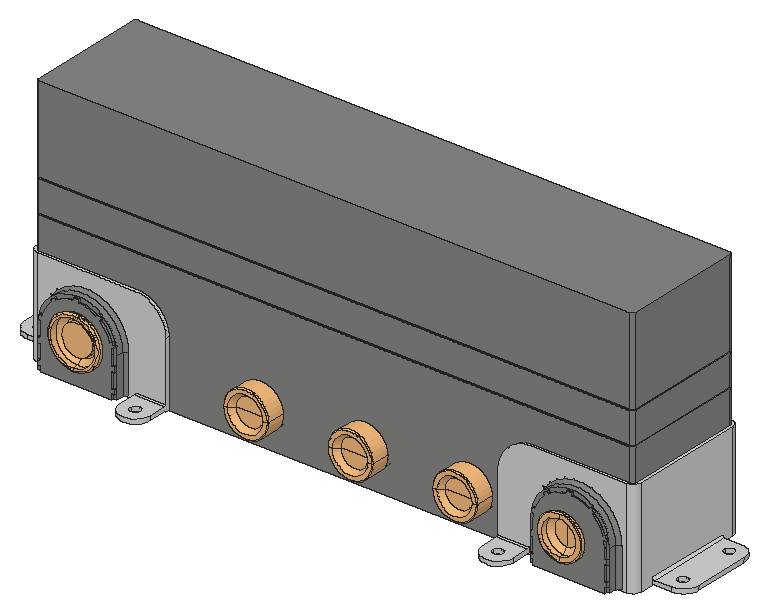
Revit family "Valve-Four_Outlet_Thermostatic-KOHLER-K-26342", category Plumbing Fixtures, host Face, Revit 2017 (continued)
Definition of nested family "K-26342"
  Lines and regions (in)
    symbolic lines, detail levels medium+fine
      curve 222: line (0, -1.85039, 0.25591) -> (0, -1.8897, 0.25591)
      curve 223: line (0, -1.85039, 0.1378) -> (0, -1.8897, 0.1378)
      curve 224: line (0, 1.92876, 1.64407) -> (0, 1.92876, 0.31459)
      curve 225: line (0, -1.8897, 0.33465) -> (0, -1.8897, 1.62388)
      curve 226: line (0, -1.94882, 0.33465) -> (0, -1.94882, 1.62388)
      curve 227: line (0, -1.79224, 0.01953) -> (0, -2.44056, 0.01953)
      curve 228: line (0, 2.44188, 0.01953) -> (0, 1.7961, 0.01953)
      curve 229: line (-7.23476, 0, 2.38189) -> (-7.23476, 0, 6.10236)
      curve 230: line (7.23528, 0, 2.38189) -> (7.23528, 0, 6.10236)
      curve 231: arc (-1.81655, 0, 1.02987) -> (-1.96647, 0, 0.87995) -> (-1.81655, 0, 0.73004) r 0.14992
      curve 232: arc (-1.81655, 0, 0.73004) -> (-1.66664, 0, 0.87995) -> (-1.81655, 0, 1.02987) r 0.14992
      curve 233: arc (0.7424, 0, 1.02987) -> (0.59248, 0, 0.87995) -> (0.7424, 0, 0.73004) r 0.14992
      curve 234: arc (0.7424, 0, 0.73004) -> (0.89232, 0, 0.87995) -> (0.7424, 0, 1.02987) r 0.14992
      curve 235: arc (3.3062, 0, 1.02987) -> (3.15628, 0, 0.87995) -> (3.3062, 0, 0.73004) r 0.14992
      curve 236: arc (3.3062, 0, 0.73004) -> (3.45611, 0, 0.87995) -> (3.3062, 0, 1.02987) r 0.14992
      curve 237: arc (-6.0332, 0, 1.13417) -> (-6.18312, 0, 0.98425) -> (-6.0332, 0, 0.83434) r 0.14992
      curve 238: arc (-6.0332, 0, 0.83434) -> (-5.88329, 0, 0.98425) -> (-6.0332, 0, 1.13417) r 0.14992
      curve 239: line (0, -1.51575, 2.38189) -> (0, 1.51575, 2.38189)
      curve 240: line (0, -0.04594, 5.70866) -> (0, -0.04594, 2.38189)
      curve 241: line (0, 1.51575, 5.70866) -> (0, -1.51575, 5.70866)
      curve 242: circle (5.84649, 0, 0.87995) r 0.13634 normal (0, -1, 0)
    reference lines
      curve 243: line (-1.81655, 1.5155, 0.87995) -> (-1.81655, 5.7655, 0.87995)
      curve 244: line (5.84649, 1.5155, 0.87995) -> (5.84649, 5.7655, 0.87995)
      curve 245: line (3.3062, 1.5155, 0.87995) -> (3.3062, 5.7655, 0.87995)
      curve 246: line (0.7424, 1.5155, 0.87995) -> (0.7424, 5.7655, 0.87995)
    symbolic lines, detail levels coarse
      curve 247: line (-1.08268, 0, 4.88116) -> (1.08268, 0, 3.70005)
      curve 248: line (1.08268, 0, 4.88116) -> (-1.08268, 0, 3.70005)
      curve 249: line (-1.08268, 0, 3.70005) -> (-1.08268, 0, 4.88116)
      curve 250: line (0, 0, 4.2906) -> (0, 0, 3.22489)
      curve 251: line (1.08268, 0, 4.88116) -> (1.08268, 0, 3.70005)
      curve 252: line (-1.09986, 0, 3.22489) -> (1.0655, 0, 3.22489)
      curve 253: arc (-1.09986, 0, 3.22489) -> (-0.01718, 0, 2.46031) -> (1.0655, 0, 3.22489) r 1.14885
  Dimensions and locks (in)
    plane 6 to plane 4 = 4.88113"
    plane 36 to level = 6.10236"  (x2)
    plane 4 to plane 6 = 4.88113"
    plane 63 to plane 64 = 15.76792"
    plane 5 to plane 7 = 3.0315"
    "Connector 1 Dis": plane 7 to plane 68 "B"
    "Connector 2 Dis": plane 7 to plane 69 "C"
    "Connector 4 Dis": plane 7 to plane 71 "E"
    "Connector 3 Dis": plane 7 to plane 70 "D"
    "Connector 4 Angle": angle plane 48 to curve 244
    "Connector 3 Angle": angle plane 49 to curve 245
    "Connector 2 Angle": angle plane 50 to curve 246
    "Connector 1 Angle": angle curve 243 to plane 47
    aligned and locked: plane 2 to level
    aligned and locked: plane 68 "B" to curve 243
    aligned and locked: plane 71 "E" to curve 244
    aligned and locked: plane 70 "D" to curve 245
    aligned and locked: plane 69 "C" to curve 246
    aligned and locked: curve 244 to Revolve 34 sketch curve
    aligned and locked: Revolve 34 sketch curve to Revolve 34 sketch curve
    aligned and locked: curve 245 to Revolve 35 sketch curve
    aligned and locked: Revolve 35 sketch curve to Revolve 35 sketch curve
    aligned and locked: curve 246 to Revolve 36 sketch curve
    aligned and locked: Revolve 36 sketch curve to Revolve 36 sketch curve
    aligned and locked: curve 243 to Revolve 37 sketch curve
    aligned and locked: Revolve 37 sketch curve to Revolve 37 sketch curve
  Automatic sketch dimensions
    curve 227 to plane 6 = 0"
    curve 190 to plane 39 = 0"
    curve 190 to plane 65 = 0"
    curve 194 to plane 9 = 0"
    curve 241 to plane 7 = 0"
    curve 239 to plane 7 = 0"
    plane 38 to curve 179 = 0"
    curve 179 to plane 36 = 0"
    curve 189 to plane 55 = 0"
    plane 67 to curve 200 = 0"
    curve 187 to plane 58 = 0"
    plane 37 to curve 240 = 0"
    curve 240 to plane 56 = 0"
    curve 185 to plane 57 = 0"
    curve 173 to plane 53 = 0"
    curve 172 to plane 36 = 0"
    curve 172 to plane 52 = 0"
    curve 241 to plane 5 = 0"
    curve 239 to plane 5 = 0"
    curve 178 to plane 8 = 0"
    curve 174 to plane 39 = 0"
    curve 174 to plane 61 = 0"
    curve 176 to level = 0"
    curve 192 to level = 0"
    level to curve 195 = 0.01969"
    curve 199 to plane 39 = 0.04131"
    curve 199 to plane 55 = 0.15925"
    curve 183 to curve 185 = 0.05906"
    level to curve 180 = 0.01969"
    curve 182 to curve 180 = 0.05729"
    curve 181 to plane 39 = 0.04045"
    level to curve 198 = 5/256"
    plane 39 to curve 223 = 0.01951"
    curve 216 to curve 225 = 0"
    curve 227 to curve 195 = 0"
    curve 179 to plane 54 = 0.00017"
    plane 39 to curve 188 = 0.00005"
    curve 188 to plane 59 = 0.02051"
    curve 180 to curve 228 = 0.00386"
    plane 4 to curve 228 = 0.00132"
    level to curve 227 = 5/256"
    level to curve 228 = 5/256"
    plane 39 to curve 212 = 0.01951"
    curve 222 to plane 67 = 0.03876"
    curve 211 to plane 67 = 0.03876"
    curve 211 to curve 224 = 0.05868"
    curve 222 to curve 226 = 0.07874"
    curve 226 to curve 225 = 0"  (x2)
    curve 221 to curve 220 = 0.11811"
    curve 210 to curve 209 = 0.11811"
    curve 208 to curve 207 = 0.0143"
    curve 219 to curve 218 = 0.0143"
    curve 218 to curve 217 = 0.11461"
    curve 207 to curve 206 = 0.11461"
    curve 217 to curve 225 = 0.35658"
    curve 225 to curve 216 = 0.01272"
    curve 206 to curve 205 = 0.36931"
    curve 205 to curve 224 = 0.00746"
    curve 224 to curve 204 = 0.03921"
    curve 216 to curve 215 = 0.04668"
    curve 215 to curve 214 = 0.07273"
    curve 204 to curve 203 = 0.07273"
    curve 203 to curve 202 = 0.10223"
    curve 214 to curve 213 = 0.10223"
    curve 213 to curve 191 = 0.05929"
    curve 202 to curve 175 = 0.05929"
    curve 175 to curve 177 = 0.03927"
    curve 191 to curve 193 = 0.03927"
    curve 177 to curve 176 = 0.1001"
    curve 193 to curve 192 = 0.1001"
    Extrusion 1 sketch curve to plane 12 = 0"
    plane 7 to Extrusion 1 sketch curve = 0"
    plane 52 to Extrusion 1 sketch curve = 0"
    Extrusion 1 sketch curve to plane 5 = 0"
    Extrusion 1 sketch curve to plane 54 = 0.00034"
    Extrusion 1 sketch curve to plane 54 = 0.00017"
    Extrusion 1 sketch curve to plane 46 = 0.01955"
    Extrusion 1 sketch curve to plane 52 = 0.00091"
    Extrusion 2 sketch curve to plane 11 = 0"
    Extrusion 2 sketch curve to plane 9 = 0"  (x2)
    Extrusion 2 sketch curve to plane 41 = 0"
    plane 8 to Extrusion 2 sketch curve = 0"  (x2)
    Extrusion 2 sketch curve to plane 46 = 0"
    Extrusion 2 sketch curve to plane 34 = 0"
    Extrusion 2 sketch curve to plane 53 = 0.00054"
    Extrusion 2 sketch curve to plane 18 = 0.67358"
    plane 24 to Extrusion 2 sketch curve = 0.02185"
    plane 46 to Extrusion 2 sketch curve = 0.00094"
    Extrusion 3 sketch curve to plane 38 = 0"  (x2)
    plane 18 to Extrusion 3 sketch curve = 0"
    Extrusion 3 sketch curve to plane 17 = 0.03718"
    Extrusion 3 sketch curve to plane 63 = 0.06898"
    Extrusion 3 sketch curve to level = 0.30561"
    Extrusion 3 sketch curve to plane 19 = 0.69257"
    plane 49 to Extrusion 3 sketch curve = 0.01689"
    Extrusion 3 sketch curve to plane 25 = 0.00005"
    Extrusion 3 sketch curve to plane 26 = 0.03879"
    Extrusion 3 sketch curve to plane 64 = 0.03215"
    Extrusion 3 sketch curve to level = 0.71748"
    Extrusion 4 sketch curve to Extrusion 4 sketch curve = 0"  (x8)
    Extrusion 4 sketch curve to plane 10 = 0"
    Extrusion 4 sketch curve to plane 59 = 0"  (x2)
    Extrusion 4 sketch curve to plane 63 = 0"  (x2)
    plane 57 to Extrusion 4 sketch curve = 0"  (x2)
    Extrusion 4 sketch curve to plane 58 = 0"  (x2)
    Extrusion 4 sketch curve to plane 11 = 0"
    plane 8 to Extrusion 4 sketch curve = 0"  (x2)
    Extrusion 4 sketch curve to plane 17 = 0"  (x2)
    plane 61 to Extrusion 4 sketch curve = 0"  (x2)
    Extrusion 4 sketch curve to plane 62 = 0"  (x2)
    Extrusion 4 sketch curve to plane 25 = 0"  (x2)
    Extrusion 4 sketch curve to plane 9 = 0"  (x2)
    Extrusion 4 sketch curve to plane 66 = 0"  (x2)
    Extrusion 4 sketch curve to plane 34 = 0"
    Extrusion 4 sketch curve to plane 64 = 0"  (x2)
    Extrusion 4 sketch curve to plane 33 = 0"
    Extrusion 4 sketch curve to plane 63 = 0.00076"
    Extrusion 4 sketch curve to plane 63 = 0.00082"
    Extrusion 4 sketch curve to plane 64 = 0.00082"
    Extrusion 4 sketch curve to plane 64 = 0.00076"
    plane 65 to Extrusion 4 sketch curve = 0.00132"  (x2)
    plane 60 to Extrusion 4 sketch curve = 0.00006"  (x2)
    Sweep 5 sketch curve to plane 13 = 0"
    plane 51 to Sweep 5 sketch curve = 0.00028"
    level to Sweep 5 sketch curve = 0.01969"  (x2)
    Sweep 5 sketch curve to profile plane = 0"  (x2)
    Sweep 5 sketch curve to plane 1 "Center (Front/Back)" = 1.85039"
    Sweep 5 sketch curve to Sweep 5 sketch curve = 0.15748"  (x2)
    Sweep 5 sketch curve to Sweep 5 sketch curve = 0.26176"
    Sweep 5 sketch curve to profile plane = 0.31023"  (x2)
    plane 1 "Center (Front/Back)" to Sweep 5 sketch curve = 1.58863"
    Sweep 5 sketch curve to Sweep 5 sketch curve = 0.10428"
    profile plane to Sweep 5 sketch curve = 0.07652"  (x2)
    plane 32 to Sweep 6 sketch curve = 0"
    Sweep 6 sketch curve to plane 48 = 0.187"
    Sweep 6 sketch curve to level = 0.01969"  (x2)
    Sweep 6 sketch curve to profile plane = 0"  (x2)
    Sweep 6 sketch curve to plane 1 "Center (Front/Back)" = 1.85039"
    Sweep 6 sketch curve to Sweep 6 sketch curve = 0.15748"  (x2)
    Sweep 6 sketch curve to Sweep 6 sketch curve = 0.10428"  (x2)
    profile plane to Sweep 6 sketch curve = 0.31023"  (x2)
    plane 1 "Center (Front/Back)" to Sweep 6 sketch curve = 1.58863"
    Sweep 6 sketch curve to profile plane = 0.10072"  (x2)
    Extrusion 7 sketch curve to Extrusion 7 sketch curve = 0"  (x88)
    plane 14 to Extrusion 7 sketch curve = 0"  (x2)
    Extrusion 7 sketch curve to level = 0"  (x2)
    Extrusion 7 sketch curve to plane 14 = 0.01535"
    Extrusion 7 sketch curve to plane 14 = 0.0439"
    plane 39 to Extrusion 7 sketch curve = 0.01951"  (x4)
    Extrusion 7 sketch curve to Extrusion 7 sketch curve = 0.05906"  (x6)
    Extrusion 7 sketch curve to Extrusion 7 sketch curve = 0.05737"  (x2)
    Extrusion 7 sketch curve to Extrusion 7 sketch curve = 0.05739"  (x2)
    Extrusion 7 sketch curve to plane 14 = 0.31395"
    Extrusion 7 sketch curve to Extrusion 7 sketch curve = 0.03647"  (x4)
    Extrusion 7 sketch curve to Extrusion 7 sketch curve = 0.09306"  (x2)
    Extrusion 7 sketch curve to Extrusion 7 sketch curve = 0.03648"  (x4)
    plane 51 to Extrusion 7 sketch curve = 0.05934"
    plane 51 to Extrusion 7 sketch curve = 0.00028"
    Extrusion 7 sketch curve to plane 51 = 0.05877"
    Extrusion 7 sketch curve to plane 16 = 0.44406"
    Extrusion 7 sketch curve to Extrusion 7 sketch curve = 0.09307"  (x2)
    Extrusion 7 sketch curve to plane 16 = 0.10187"
    Extrusion 7 sketch curve to plane 16 = 0.07329"
    Extrusion 7 sketch curve to plane 16 = 0.05963"  (x3)
    Extrusion 7 sketch curve to plane 16 = 0.04447"
    Extrusion 7 sketch curve to plane 16 = 0.01592"
    Extrusion 7 sketch curve to plane 16 = 0.00057"  (x2)
    Extrusion 7 sketch curve to plane 28 = 0.00036"  (x2)
    Extrusion 7 sketch curve to plane 28 = 0.01572"
    Extrusion 7 sketch curve to plane 28 = 0.04427"
    plane 29 to Extrusion 7 sketch curve = 0.1079"
    plane 48 to Extrusion 7 sketch curve = 0.12774"
    plane 48 to Extrusion 7 sketch curve = 0.18679"
    Extrusion 7 sketch curve to Extrusion 7 sketch curve = 0.11811"  (x5)
    Extrusion 7 sketch curve to plane 30 = 0.11797"
    Extrusion 7 sketch curve to plane 31 = 0.10151"
    Extrusion 7 sketch curve to plane 31 = 0.07293"
    Extrusion 7 sketch curve to plane 31 = 0.05926"  (x3)
    Extrusion 7 sketch curve to plane 31 = 0.04411"
    Extrusion 7 sketch curve to plane 31 = 0.01556"
    Extrusion 7 sketch curve to plane 31 = 0.00021"  (x2)
    Extrusion 7 sketch curve to plane 67 = 0.03876"  (x4)
    Extrusion 7 sketch curve to Extrusion 7 sketch curve = 0.0002"  (x2)
    Extrusion 7 sketch curve to Extrusion 7 sketch curve = 0.0143"  (x4)
    Extrusion 7 sketch curve to Extrusion 7 sketch curve = 0.01431"  (x4)
    Extrusion 7 sketch curve to Extrusion 7 sketch curve = 0.04668"  (x4)
    Extrusion 7 sketch curve to Extrusion 7 sketch curve = 0.04669"  (x4)
    Extrusion 7 sketch curve to Extrusion 7 sketch curve = 0.05929"  (x2)
    Revolve 8 sketch curve to Revolve 8 sketch curve = 0.12098"  (x4)
    Revolve 8 sketch curve to Revolve 8 sketch curve = 0.05692"  (x2)
    Revolve 8 sketch curve to Revolve 8 sketch curve = 0.03924"  (x3)
    Revolve 8 sketch curve to plane 1 "Center (Front/Back)" = 0.1745"
    Revolve 8 sketch curve to plane 59 = 0.0343"
    Revolve 9 sketch curve to Revolve 9 sketch curve = 0.11775"  (x4)
    Revolve 9 sketch curve to Revolve 9 sketch curve = 0.10695"  (x2)
    Revolve 9 sketch curve to Revolve 9 sketch curve = 0.02431"
    Revolve 9 sketch curve to plane 56 = 0.3266"
    Revolve 9 sketch curve to plane 1 "Center (Front/Back)" = 0.12747"
    Revolve 10 sketch curve to plane 23 = 0"
    plane 23 to Revolve 10 sketch curve = 0.01967"  (x2)
    Revolve 10 sketch curve to Revolve 10 sketch curve = 0.09843"  (x2)
    Revolve 10 sketch curve to Revolve 10 sketch curve = 0.09154"  (x2)
    plane 49 to Revolve 10 sketch curve = 0.00898"  (x2)
    Revolve 10 sketch curve to plane 56 = 0.17257"
    Revolve 10 sketch curve to plane 1 "Center (Front/Back)" = 0.15748"
    Revolve 11 sketch curve to plane 50 = 0.00349"  (x2)
    plane 21 to Revolve 11 sketch curve = 0.21045"  (x2)
    plane 21 to Revolve 11 sketch curve = 0.11891"  (x2)
    plane 21 to Revolve 11 sketch curve = 0.02049"  (x2)
    plane 21 to Revolve 11 sketch curve = 0.0008"
    Revolve 11 sketch curve to plane 1 "Center (Front/Back)" = 0.12937"
    Revolve 11 sketch curve to plane 56 = 0.20068"
    plane 19 to Revolve 12 sketch curve = 0.00022"
    plane 19 to Revolve 12 sketch curve = 0.0199"  (x2)
    Revolve 12 sketch curve to Revolve 12 sketch curve = 0.09843"  (x2)
    Revolve 12 sketch curve to Revolve 12 sketch curve = 0.09154"  (x2)
    plane 47 to Revolve 12 sketch curve = 0.00447"  (x2)
    Revolve 12 sketch curve to plane 56 = 0.17257"
    Revolve 12 sketch curve to plane 1 "Center (Front/Back)" = 0.15748"
    Sweep 13 sketch curve to plane 12 = 0"
    plane 7 to Sweep 13 sketch curve = 0"
    Sweep 13 sketch curve to plane 5 = 0"
    plane 52 to Sweep 13 sketch curve = 0"
    Sweep 13 sketch curve to plane 54 = 0.00034"
    Sweep 13 sketch curve to plane 46 = 0.01955"
    Sweep 13 sketch curve to plane 46 = 0.02029"
    Sweep 13 sketch curve to plane 35 = 0.00005"
    profile plane to Sweep 13 sketch curve = 0.03333"
    profile plane to Sweep 13 sketch curve = 0.03033"
    Sweep 13 sketch curve to profile plane = 0.01969"  (x2)
    level to Sweep 13 sketch curve = 3.16929"
    Sweep 13 sketch curve to Sweep 13 sketch curve = 0.03937"  (x2)
    Sweep 13 sketch curve to Sweep 13 sketch curve = 0.74803"
    plane 51 to Extrusion 14 sketch curve = 0"
    plane 48 to Extrusion 15 sketch curve = 0.00898"
    plane 51 to Extrusion 16 sketch curve = 0"
    plane 48 to Extrusion 17 sketch curve = 0.00898"
    Masking region 1 sketch curve to plane 41 = 0"  (x2)
    Masking region 1 sketch curve to plane 9 = 0"
    Masking region 1 sketch curve to plane 46 = 0"  (x2)
    Masking region 1 sketch curve to plane 34 = 0"
    Masking region 2 sketch curve to level = 0"
    Masking region 2 sketch curve to plane 10 = 0"
    Masking region 2 sketch curve to plane 11 = 0"
    Masking region 2 sketch curve to plane 36 = 0"
    plane 34 to Masking region 2 sketch curve = 0"
    plane 33 to Masking region 2 sketch curve = 0"
    Masking region 2 sketch curve to plane 38 = 0"  (x2)
    plane 67 to Masking region 2 sketch curve = 0.0025"
    Masking region 2 sketch curve to Masking region 2 sketch curve = 0.09654"
    Masking region 2 sketch curve to plane 35 = 0.00014"
    plane 67 to Masking region 2 sketch curve = 0.00104"
    Masking region 2 sketch curve to plane 34 = 0.09784"
    Masking region 3 sketch curve to plane 6 = 0"
    Masking region 3 sketch curve to plane 9 = 0"
    Masking region 3 sketch curve to plane 7 = 0"
    Masking region 3 sketch curve to level = 0"
    Masking region 3 sketch curve to plane 8 = 0"
    Masking region 3 sketch curve to plane 36 = 0"
    plane 1 "Center (Front/Back)" to Masking region 3 sketch curve = 0.00047"
    plane 4 to Masking region 3 sketch curve = 0.00134"
    Masking region 3 sketch curve to plane 39 = 0.00002"  (x2)
    Masking region 3 sketch curve to plane 67 = 0.0978"
    Masking region 3 sketch curve to plane 67 = 0.1175"
    Masking region 3 sketch curve to Masking region 3 sketch curve = 0.05906"
    Masking region 3 sketch curve to Masking region 3 sketch curve = 0.03937"  (x2)
    Masking region 3 sketch curve to Masking region 3 sketch curve = 0.03924"  (x2)
    Masking region 3 sketch curve to Masking region 3 sketch curve = 0.05943"
    Masking region 3 sketch curve to Masking region 3 sketch curve = 0.29551"
    Masking region 3 sketch curve to Masking region 3 sketch curve = 0.27532"
    Masking region 3 sketch curve to Masking region 3 sketch curve = 0.03946"  (x2)
    Extrusion 18 sketch curve to plane 39 = 0.0075"
    Extrusion 18 sketch curve to plane 11 = 0.09145"
    plane 11 to Extrusion 18 sketch curve = 0.00742"
    plane 67 to Extrusion 18 sketch curve = 0.01438"
    plane 39 to Extrusion 19 sketch curve = 0.0075"
    plane 34 to Extrusion 19 sketch curve = 0.09145"
    Extrusion 19 sketch curve to plane 34 = 0.00742"
    Extrusion 19 sketch curve to plane 67 = 0.01438"
    plane 8 to Extrusion 20 sketch curve = 0.01095"
    Extrusion 20 sketch curve to plane 39 = 0.00731"
    plane 67 to Extrusion 20 sketch curve = 0.02684"
    plane 8 to Extrusion 21 sketch curve = 0.01095"
    Extrusion 21 sketch curve to plane 39 = 0.00731"
    plane 67 to Extrusion 21 sketch curve = 0.02684"
    Extrusion 22 sketch curve to plane 9 = 0.01095"
    plane 39 to Extrusion 22 sketch curve = 0.00731"
    Extrusion 22 sketch curve to plane 67 = 0.02684"
    plane 9 to Extrusion 23 sketch curve = 0.01095"
    Extrusion 23 sketch curve to plane 39 = 0.00731"
    plane 67 to Extrusion 23 sketch curve = 0.02684"
    Extrusion 25 sketch curve to level = 0"
    plane 11 to Extrusion 25 sketch curve = 0.03593"
    plane 35 to Extrusion 25 sketch curve = 0.0312"
    plane 36 to Extrusion 25 sketch curve = 1/8"
    Extrusion 26 sketch curve to level = 0"
    plane 18 to Extrusion 26 sketch curve = 0"
    Extrusion 26 sketch curve to plane 11 = 1/8"
    Extrusion 26 sketch curve to plane 38 = 1/16"
    Extrusion 27 sketch curve to level = 0"
    Extrusion 27 sketch curve to plane 25 = 0"
    plane 34 to Extrusion 27 sketch curve = 1/8"
    plane 38 to Extrusion 27 sketch curve = 1/16"
    Extrusion 28 sketch curve to level = 0"
    plane 40 to Extrusion 28 sketch curve = 0.01978"
    plane 51 to Extrusion 28 sketch curve = 0.00028"
    Extrusion 29 sketch curve to level = 0"
    plane 45 to Extrusion 29 sketch curve = 0.02186"
    Extrusion 29 sketch curve to plane 48 = 0.187"
    plane 51 to Extrusion 30 sketch curve = 0"
    plane 47 to Extrusion 31 sketch curve = 0.00312"
    Extrusion 31 sketch curve to plane 50 = 0.00215"
    plane 49 to Extrusion 31 sketch curve = 0.00763"
    plane 48 to Extrusion 32 sketch curve = 0.00898"
    Extrusion 33 sketch curve to plane 58 = 0"  (x2)
    Extrusion 33 sketch curve to plane 11 = 0"  (x2)
    plane 8 to Extrusion 33 sketch curve = 0"  (x2)
    Extrusion 33 sketch curve to plane 17 = 0"  (x2)
    plane 61 to Extrusion 33 sketch curve = 0"  (x2)
    Extrusion 33 sketch curve to plane 62 = 0"
    Extrusion 33 sketch curve to plane 25 = 0"
    Extrusion 33 sketch curve to plane 66 = 0"  (x2)
    Extrusion 33 sketch curve to plane 34 = 0"  (x2)
    Extrusion 33 sketch curve to plane 9 = 0"  (x2)
    plane 65 to Extrusion 33 sketch curve = 0.00132"  (x2)
    curve 1 to plane 11 = 0"
    curve 2 to plane 12 = 0"
    plane 7 to curve 13 = 0"
    plane 52 to curve 3 = 0"
    curve 12 to plane 54 = 0"
    plane 8 to curve 4 = 0"
    curve 17 to plane 9 = 0"
    curve 17 to plane 17 = 0"
    plane 8 to curve 11 = 0"
    curve 11 to plane 17 = 0"
    curve 11 to plane 18 = 0"
    curve 13 to plane 18 = 11.30027"
    curve 17 to plane 18 = 0"
    curve 15 to plane 9 = 0"
    plane 8 to curve 8 = 0"
    curve 15 to plane 26 = 0"
    curve 8 to plane 26 = 0"
    plane 8 to curve 9 = 0"
    curve 16 to plane 9 = 0"
    curve 10 to plane 34 = 0"
    curve 10 to plane 58 = 0"
    curve 1 to plane 58 = 0"
    plane 57 to curve 10 = 0"
    plane 57 to curve 1 = 0"
    curve 7 to plane 35 = 0.00005"
    plane 40 to curve 4 = 0.04169"
    curve 4 to plane 42 = 0.00057"
    curve 15 to plane 25 = 0.00005"
    curve 8 to plane 25 = 0.00005"
    curve 9 to plane 44 = 0.03616"
    curve 16 to plane 44 = 0.03616"
    curve 9 to plane 45 = 0.03664"
    curve 16 to plane 45 = 0.03664"
    curve 244 to Revolve 34 sketch curve = 0.00004"
    Revolve 34 sketch curve to Revolve 34 sketch curve = 0.33485"
    curve 244 to Revolve 34 sketch curve = 1/4"
    Revolve 34 sketch curve to Revolve 34 sketch curve = 0.06049"
    Revolve 34 sketch curve to Revolve 34 sketch curve = 0.09843"
    Revolve 35 sketch curve to Revolve 35 sketch curve = 0.42376"
    Revolve 35 sketch curve to Revolve 35 sketch curve = 0.026"
    Revolve 35 sketch curve to Revolve 35 sketch curve = 0.07232"
    curve 245 to Revolve 35 sketch curve = 0.00113"
    curve 245 to Revolve 35 sketch curve = 1/4"
    curve 246 to Revolve 36 sketch curve = 0.0011"
    Revolve 36 sketch curve to Revolve 36 sketch curve = 0.42379"
    curve 246 to Revolve 36 sketch curve = 1/4"
    Revolve 36 sketch curve to Revolve 36 sketch curve = 0.05131"
    Revolve 36 sketch curve to Revolve 36 sketch curve = 0.02811"
    curve 243 to Revolve 37 sketch curve = 0.00116"
    Revolve 37 sketch curve to Revolve 37 sketch curve = 0.42374"
    Revolve 37 sketch curve to Revolve 37 sketch curve = 1/4"
    Revolve 37 sketch curve to Revolve 37 sketch curve = 0.05131"
    Revolve 37 sketch curve to Revolve 37 sketch curve = 0.05188"
    Revolve 37 sketch curve to curve 243 = 0"
    plane 51 to Extrusion 24 sketch curve = 0"
    curve 224 to curve 210 = 0.31533"
    curve 225 to curve 221 = 0.29528"
    plane 72 to curve 178 = 0.1043"
    plane 72 to curve 194 = 0.1043"
    curve 178 to curve 208 = 0.15414"
    curve 194 to curve 219 = 0.15414"
    plane 72 to Sweep 5 sketch curve = 0.10449"
    Sweep 6 sketch curve to plane 72 = 0.10449"
    Extrusion 7 sketch curve to plane 72 = 0.25003"  (x4)
    plane 72 to Extrusion 7 sketch curve = 0.1043"  (x2)
    plane 72 to Revolve 8 sketch curve = 0.1043"  (x2)
    Revolve 8 sketch curve to Revolve 8 sketch curve = 0.4225"  (x2)
    plane 72 to Revolve 9 sketch curve = 0.00587"  (x2)
    Revolve 9 sketch curve to Revolve 9 sketch curve = 0.30218"  (x2)
    plane 72 to Extrusion 14 sketch curve = 0.1043"
    plane 72 to Extrusion 15 sketch curve = 0.00587"
    plane 72 to Extrusion 16 sketch curve = 0.1043"
    plane 72 to Extrusion 17 sketch curve = 0.00587"
    plane 72 to Masking region 3 sketch curve = 0.70469"  (x2)
    plane 72 to Extrusion 24 sketch curve = 0.1043"
    plane 72 to Extrusion 28 sketch curve = 0.10867"
    Extrusion 29 sketch curve to plane 72 = 0.10867"
    plane 72 to Extrusion 30 sketch curve = 0.1043"
    plane 72 to Extrusion 31 sketch curve = 0.00579"  (x3)
    plane 72 to Extrusion 32 sketch curve = 0.00587"
    curve 28 to curve 41 = 0"  (x2)
    curve 28 to curve 45 = 0"
    curve 28 to curve 49 = 0"
    curve 28 to curve 53 = 0"
    curve 28 to curve 57 = 0"
    curve 39 to curve 43 = 0"  (x2)
    curve 39 to curve 47 = 0"  (x2)
    curve 39 to curve 51 = 0"  (x2)
    curve 39 to curve 55 = 0"  (x2)
    curve 39 to curve 59 = 0"
    curve 41 to curve 45 = 0"
    curve 41 to curve 49 = 0"
    curve 41 to curve 53 = 0"
    curve 41 to curve 57 = 0"
    curve 51 to curve 59 = 0"
    curve 72 to curve 74 = 0"
    curve 72 to curve 75 = 0"  (x2)
    curve 72 to curve 237 = 0"
    curve 73 to curve 238 = 0"
    curve 74 to curve 238 = 0"
    curve 78 to curve 80 = 0"  (x2)
    curve 78 to curve 82 = 0"
    curve 79 to curve 80 = 0"
    curve 84 to curve 86 = 0"  (x2)
    curve 84 to curve 88 = 0"
    curve 86 to curve 88 = 0"
    curve 90 to curve 92 = 0"  (x2)
    curve 91 to curve 95 = 0"  (x2)
    curve 116 to curve 120 = 0"  (x2)
    curve 119 to curve 122 = 0"  (x2)
    curve 120 to curve 132 = 0"  (x2)
    curve 120 to curve 136 = 0"
    curve 122 to curve 134 = 0"  (x2)
    curve 124 to curve 132 = 0"  (x2)
    curve 124 to curve 136 = 0"
    curve 126 to curve 134 = 0"  (x2)
    curve 128 to curve 132 = 0"  (x2)
    curve 130 to curve 134 = 0"  (x2)
    curve 147 to curve 149 = 0"
    curve 148 to curve 150 = 0"
    curve 148 to curve 151 = 0"  (x2)
    curve 149 to curve 150 = 0"
    curve 150 to curve 151 = 0"
    curve 166 to plane 10 = 0"
    plane 12 to curve 21 = 0"
    plane 12 to curve 18 = 0"
    curve 229 to plane 36 = 0"
    curve 229 to plane 38 = 0"
    curve 19 to plane 41 = 0"
    plane 40 to curve 70 = 0"
    curve 29 to plane 13 = 0"
    plane 14 to curve 36 = 0"
    plane 14 to curve 31 = 0"
    curve 38 to plane 73 = 0"
    curve 30 to level = 0"
    plane 51 to curve 73 = 0"
    curve 68 to level = 0"
    curve 71 to plane 42 = 0"
    plane 43 to curve 162 = 0"
    curve 25 to plane 17 = 0"
    curve 160 to plane 17 = 0"
    plane 18 to curve 23 = 0"
    plane 47 to curve 231 = 0"
    curve 233 to plane 50 = 0"
    plane 49 to curve 235 = 0"
    curve 97 to plane 39 = 0"
    curve 100 to level = 0"
    plane 26 to curve 97 = 0"
    plane 26 to curve 155 = 0"
    curve 101 to plane 38 = 0"
    plane 44 to curve 103 = 0"
    curve 143 to level = 0"
    curve 136 to plane 73 = 0"
    curve 242 to plane 48 = 0"
    curve 107 to level = 0"
    curve 115 to plane 73 = 0"
    plane 32 to curve 106 = 0"
    curve 152 to plane 45 = 0"
    plane 46 to curve 154 = 0"
    curve 230 to plane 36 = 0"
    curve 18 to plane 37 = 0"
    curve 24 to plane 39 = 0"
    curve 242 to plane 72 = 0"
    curve 232 to plane 72 = 0"
    curve 236 to plane 72 = 0"
    curve 234 to plane 72 = 0"
    curve 238 to plane 73 = 0"
    curve 40 to plane 14 = 0.01535"
    curve 42 to plane 14 = 0.0439"
    curve 35 to curve 34 = 0.05906"
    curve 36 to curve 37 = 0.05906"
    plane 39 to curve 30 = 0.01951"
    curve 31 to curve 30 = 0.05906"
    curve 41 to curve 40 = 0.05737"
    curve 41 to curve 42 = 0.05739"
    curve 44 to plane 14 = 0.31395"
    curve 45 to curve 44 = 0.03647"
    curve 44 to curve 46 = 0.09306"
    curve 45 to curve 46 = 0.03648"
    plane 51 to curve 48 = 0.05934"
    plane 51 to curve 39 = 0.00028"
    curve 45 to curve 59 = 0"
    curve 50 to plane 51 = 0.05877"
    curve 52 to plane 16 = 0.44406"
    curve 52 to curve 52 = 0.03648"
    curve 51 to curve 54 = 0.09307"
    curve 54 to curve 54 = 0.03647"
    curve 56 to plane 16 = 0.10187"
    curve 58 to plane 16 = 0.07329"
    plane 39 to curve 68 = 0.01951"
    curve 68 to plane 16 = 0.05963"
    curve 64 to plane 16 = 0.05963"
    curve 61 to plane 16 = 0.05963"
    curve 56 to plane 16 = 0.04447"
    curve 58 to plane 16 = 0.01592"
    curve 62 to plane 16 = 0.00057"
    curve 65 to plane 16 = 0.00057"
    plane 42 to curve 163 = 0.00668"
    curve 21 to plane 17 = 0.03718"
    plane 47 to curve 83 = 0.00447"
    curve 87 to plane 50 = 0.00349"
    plane 49 to curve 93 = 0.00898"
    curve 100 to plane 25 = 0.00005"
    curve 101 to plane 26 = 0.03879"
    plane 67 to curve 158 = 0.00067"
    curve 156 to curve 158 = 0.05903"
    level to curve 96 = 0.01969"
    curve 96 to plane 44 = 0.02813"
    curve 104 to plane 73 = 0.0002"
    plane 27 to curve 104 = 0.00057"
    curve 138 to plane 28 = 0.00036"
    curve 144 to plane 28 = 0.00036"
    curve 135 to plane 28 = 0.01572"
    curve 133 to plane 28 = 0.04428"
    curve 139 to curve 140 = 0.05906"
    plane 39 to curve 143 = 0.01951"
    curve 141 to curve 143 = 0.05906"
    curve 137 to plane 28 = 0.05942"
    curve 135 to curve 135 = 0.05737"
    curve 133 to curve 133 = 0.05739"
    plane 29 to curve 131 = 0.1079"
    curve 131 to curve 131 = 0.03647"
    curve 130 to curve 129 = 0.09317"
    curve 129 to curve 129 = 0.03648"
    plane 48 to curve 146 = 0.00898"
    plane 48 to curve 127 = 0.12774"
    curve 136 to curve 105 = 0.00021"
    curve 122 to curve 136 = 0"
    curve 126 to curve 125 = 0.11827"
    curve 123 to plane 30 = 0.11797"
    curve 124 to curve 123 = 0.03648"
    curve 124 to curve 121 = 0.09317"
    curve 120 to curve 121 = 0.03647"
    curve 118 to plane 31 = 0.10151"
    curve 117 to plane 31 = 0.07292"
    plane 39 to curve 107 = 0.01951"
    curve 107 to plane 31 = 0.05926"
    curve 111 to plane 31 = 0.0591"
    curve 114 to plane 31 = 0.0591"
    curve 118 to plane 31 = 0.04411"
    curve 117 to plane 31 = 0.01556"
    curve 109 to plane 31 = 0.00021"
    curve 113 to plane 31 = 0.00005"
    level to curve 26 = 5/256"
    level to curve 99 = 5/256"
    level to curve 163 = 0.01969"
    plane 67 to curve 162 = 0.00051"
    curve 34 to plane 67 = 0.03876"
    curve 64 to plane 67 = 0.03876"
    curve 141 to plane 67 = 0.03876"
    curve 109 to plane 67 = 0.03876"
    curve 62 to plane 72 = 0.25003"
    curve 113 to plane 72 = 0.25003"
    curve 142 to plane 72 = 0.25003"
    curve 36 to plane 72 = 0.25003"
    curve 34 to curve 38 = 0.11811"
    curve 111 to curve 114 = 0.11811"
    curve 62 to curve 62 = 0.11811"
    curve 140 to curve 137 = 0.11811"
    plane 72 to curve 95 = 0.00579"
    plane 72 to curve 89 = 0.00579"
    plane 72 to curve 83 = 0.00579"
    plane 72 to curve 150 = 0.00587"
    curve 49 to plane 73 = 0.0002"
    curve 136 to curve 126 = 0.0002"
    curve 71 to plane 73 = 0.00318"
    curve 105 to curve 153 = 0.00407"
    curve 117 to plane 73 = 0.1541"
    curve 116 to curve 117 = 0.0143"
    curve 40 to curve 40 = 0.0143"
    curve 136 to curve 135 = 0.0143"
    curve 58 to curve 58 = 0.0143"
    curve 56 to curve 56 = 0.01431"
    curve 42 to curve 41 = 0.01431"
    curve 118 to curve 118 = 0.01431"
    curve 133 to curve 133 = 0.01431"
    curve 120 to curve 121 = 0.04668"
    curve 44 to curve 44 = 0.04668"
    curve 54 to curve 54 = 0.04668"
    curve 132 to curve 131 = 0.04668"
    curve 52 to curve 52 = 0.04669"
    curve 123 to curve 123 = 0.04669"
    curve 46 to curve 45 = 0.04669"
    curve 129 to curve 129 = 0.04669"
    curve 124 to curve 125 = 0.05929"
    curve 50 to curve 50 = 0.05929"
    curve 20 to plane 63 = 0.00008"
    curve 229 to plane 41 = 0.01976"
    curve 166 to curve 30 = 0"
    plane 19 to curve 83 = 0.00022"
    curve 78 to curve 82 = 0.01968"
    curve 79 to curve 80 = 0.09843"
    plane 21 to curve 84 = 0.0008"
    curve 84 to curve 88 = 0.01968"
    curve 85 to curve 87 = 0.09843"
    curve 90 to plane 23 = 0"
    plane 23 to curve 91 = 0.01967"
    curve 94 to curve 92 = 0.09843"
    curve 230 to plane 46 = 0.02029"
    curve 18 to plane 35 = 0.00005"
    curve 102 to plane 35 = 0.00005"
    plane 33 to curve 165 = 0.00336"
    level to curve 152 = 0.01969"
    level to curve 70 = 0.01969"
    level to curve 29 = 0.01969"
    curve 167 to plane 39 = 0.03955"
    curve 168 to plane 39 = 0.03955"
    curve 169 to plane 39 = 0.03955"
    curve 170 to plane 39 = 0.03955"
    curve 20 to plane 39 = 0.00018"
    plane 67 to curve 155 = 0.00061"
    curve 160 to curve 25 = 0.00011"
    curve 150 to plane 67 = 0.1175"
    curve 73 to plane 67 = 0.12747"
    curve 145 to curve 146 = 0.02431"
    curve 72 to curve 77 = 0.03924"
    curve 74 to curve 75 = 0.05692"
    curve 146 to curve 147 = 0.10695"
    curve 234 to plane 72 = 0.14992"
    curve 231 to plane 72 = 0.14992"
    curve 236 to curve 235 = 0.14992"
    curve 238 to plane 72 = 0.04562"
    plane 8 to Masking region 1 sketch curve = 0"
    Masking region 1 sketch curve to plane 11 = 0"
    curve 14 to plane 54 = 0.00066"
    curve 14 to plane 46 = 0.02029"
    Extrusion 3 sketch curve to plane 38 = 1"
    Extrusion 3 sketch curve to Extrusion 3 sketch curve = 1"
    plane 37 to curve 249 = 0.82751"
    plane 33 to curve 249 = 9.34057"
    curve 248 to curve 249 = 1.1811"
    plane 37 to curve 248 = 0.82751"
    curve 247 to curve 248 = 2.16535"
    curve 247 to plane 38 = 1.31816"
    curve 247 to curve 250 = 1.08268"
    curve 250 to plane 38 = 0.843"
    curve 252 to curve 248 = 0.01718"
    curve 252 to curve 247 = 0.01718"
    curve 250 to curve 253 = 0.38428"
    Extrusion 33 sketch curve to Extrusion 33 sketch curve = 0"  (x8)
    Extrusion 33 sketch curve to plane 62 = 0.12509"
    Extrusion 33 sketch curve to plane 63 = 0"  (x2)
    plane 60 to Extrusion 33 sketch curve = 0.00006"  (x2)
    Extrusion 33 sketch curve to Extrusion 33 sketch curve = 0.12529"  (x2)
    Extrusion 33 sketch curve to plane 59 = 0"  (x2)
    Extrusion 33 sketch curve to plane 62 = 0.12354"
    Extrusion 33 sketch curve to Extrusion 33 sketch curve = 0.12354"
    Extrusion 33 sketch curve to Extrusion 33 sketch curve = 0.12509"
    Extrusion 33 sketch curve to plane 64 = 0"  (x2)
    Extrusion 33 sketch curve to plane 64 = 0.12529"  (x2)
    plane 57 to Extrusion 33 sketch curve = 0"  (x2)
    Extrusion 33 sketch curve to plane 33 = 0"
    Extrusion 33 sketch curve to plane 10 = 0"
    curve 191 to plane 39 = 0.04045"
    plane 65 to curve 191 = 0.21747"
    curve 226 to curve 216 = 0.09843"
    curve 215 to curve 215 = 0.03931"
    curve 217 to curve 217 = 0.03931"
    curve 214 to curve 214 = 0.03931"
    curve 213 to curve 213 = 0.03931"
    curve 223 to curve 223 = 0.03931"
    curve 222 to curve 222 = 0.03931"
    curve 193 to plane 9 = 0.09843"
    Revolve 8 sketch curve to plane 9 = 0.13493"
    plane 65 to Revolve 8 sketch curve = 0.11891"
    Revolve 9 sketch curve to plane 9 = 0.13493"
    plane 65 to Revolve 9 sketch curve = 0.11904"
    Revolve 9 sketch curve to Revolve 9 sketch curve = 0.01969"  (x2)
    plane 65 to Revolve 10 sketch curve = 0.23009"
    plane 65 to Revolve 10 sketch curve = 0.12747"
    plane 65 to Revolve 10 sketch curve = 0.09936"
    plane 65 to Revolve 11 sketch curve = 0.23009"
    plane 65 to Revolve 11 sketch curve = 0.12747"
    plane 65 to Revolve 11 sketch curve = 0.09936"
    plane 65 to Revolve 12 sketch curve = 0.23009"
    plane 65 to Revolve 12 sketch curve = 0.12747"
    plane 65 to Revolve 12 sketch curve = 0.09936"
    plane 65 to Masking region 3 sketch curve = 0.07967"
    Masking region 3 sketch curve to Masking region 3 sketch curve = 0.05925"
    Masking region 3 sketch curve to Masking region 3 sketch curve = 0.05912"
    Masking region 3 sketch curve to Masking region 3 sketch curve = 0.03931"
    Masking region 3 sketch curve to Masking region 3 sketch curve = 0.09784"
    plane 9 to Extrusion 22 sketch curve = 0.05998"
    Extrusion 23 sketch curve to plane 9 = 0.05998"
    curve 181 to plane 8 = 0.19775"
    curve 177 to plane 8 = 0.09843"
    plane 61 to curve 178 = 0.1391"
    curve 212 to curve 212 = 0.07874"
    curve 203 to curve 203 = 0.07874"
    curve 202 to curve 202 = 0.07874"
    curve 224 to curve 211 = 0.00037"
    curve 224 to curve 204 = 0.00037"
    Revolve 8 sketch curve to plane 8 = 0.13493"
    plane 61 to Revolve 8 sketch curve = 0.11891"
    Revolve 9 sketch curve to plane 8 = 0.13493"
    plane 61 to Revolve 9 sketch curve = 0.11904"
    plane 61 to Revolve 10 sketch curve = 0.23009"
    plane 61 to Revolve 10 sketch curve = 0.12747"
    Revolve 10 sketch curve to Revolve 10 sketch curve = 0.02811"
    plane 61 to Revolve 11 sketch curve = 0.23008"
    plane 61 to Revolve 11 sketch curve = 0.12747"
    Revolve 11 sketch curve to Revolve 11 sketch curve = 0.02811"
    plane 61 to Revolve 12 sketch curve = 0.23009"
    plane 61 to Revolve 12 sketch curve = 0.12747"
    Revolve 12 sketch curve to Revolve 12 sketch curve = 0.02811"
    Masking region 3 sketch curve to plane 8 = 0.09784"
    Masking region 3 sketch curve to Masking region 3 sketch curve = 0.15807"
    plane 61 to Masking region 3 sketch curve = 0.1391"
    plane 61 to Masking region 3 sketch curve = 0.13874"
    plane 61 to Masking region 3 sketch curve = 0.07967"
    Extrusion 20 sketch curve to plane 8 = 0.05998"
    Extrusion 21 sketch curve to plane 8 = 0.05998"
    plane 12 to Masking region 2 sketch curve = 0"
    Masking region 3 sketch curve to plane 5 = 0"
    plane 38 to Masking region 3 sketch curve = 0"  (x2)
    curve 6 to plane 5 = 0"
    curve 6 to plane 52 = 0.00091"
    curve 243 to plane 47 = 0"
    curve 246 to plane 50 = 0"
    curve 245 to plane 49 = 0"
    curve 244 to plane 48 = 0"
    radius of Extrusion 4 sketch curve = 0.12529"  (x4)
    radius of Extrusion 4 sketch curve = 0.12354"  (x2)
    radius of Extrusion 4 sketch curve = 0.12509"  (x2)
    radius of Extrusion 14 sketch curve = 0.60039"
    radius of Extrusion 15 sketch curve = 0.44719"
    radius of Extrusion 16 sketch curve = 0.60039"
    radius of Extrusion 17 sketch curve = 1/2"
    radius of Extrusion 30 sketch curve = 0.69038"
    radius of Extrusion 31 sketch curve = 0.58377"  (x3)
    radius of Extrusion 32 sketch curve = 0.56629"
    radius of Extrusion 24 sketch curve = 3/8"
    radius of curve 151 = 0.35767"
    radius of curve 242 = 0.13634"
